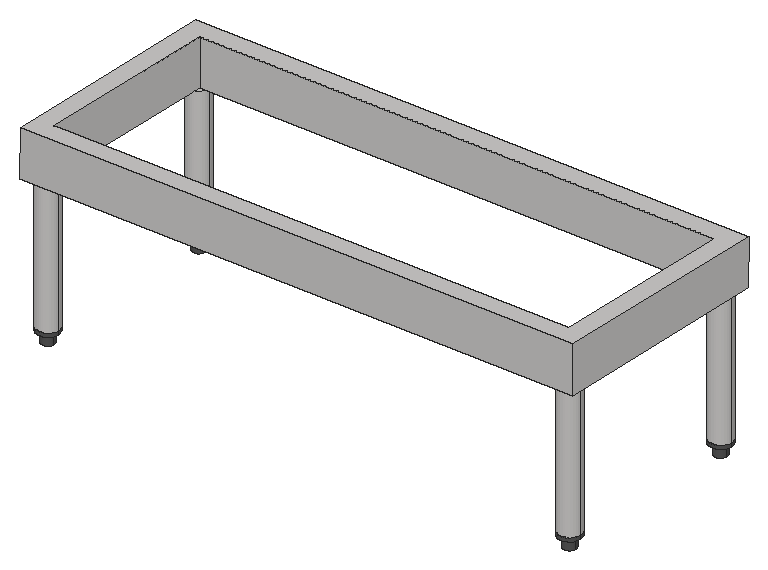
Revit family "QF_CAPIC_PT_W293016", category Equipement spécialisé, Revit 2018
Family settings
  Cote de connecteur circulaire = Utiliser le diamètre
  Type d'élément = Normal
  Numéro OmniClass = 23.40.40.14
  Titre OmniClass = Food Service Equipment
  Basée sur le plan de construction = Non
  Toujours verticalement = Oui
  Couper avec des vides une fois chargée = Non
  Partagée = Non
  Point de calcul de pièce = Non
Parameters (values of type "L=1800mm")
  URL catalogue = "http://www.capic-fr.com/fr/"
  Type de Raccord Plomberie [instance] = ""
  Type de Raccord Electrique [instance] = ""
  Type de Gaz = ""
  Type article [instance] = ""
  Tension = 0 V
  Spécification du Fabricant = ""
  Show Logo = yes
  Remarques evacuation [instance] = ""
  Remarques Plomberie [instance] = ""
  Remarques Electricité [instance] = ""
  Puissance électrique  = 0 W
  Puissance Gaz kW = 0
  Profondeur hors tout = 715 mm
  Pression Maximum Eau Adoucie = 0.0 Pa
  Poids net à vide = 100.00 kg
  Phase = 0
  Modèle = "W293016"
  Longueur hors tout = 1800 mm
  Intensité nominale = 0 A
  Hauteur hors tout = 630 mm
  Hauteur de Raccordement du Sol Finis = 0 mm
  Hauteur de Raccordement Gaz du Sol Finis = 0 mm
  Hauteur de Raccordement Evacuation Directe du Sol Finis = 0 mm
  Hauteur de Raccordement Eau Froide du Sol Finis = 0 mm
  Hauteur de Raccordement Eau Chaude du Sol Finis = 0 mm
  Hauteur de Raccordement Eau Adoucie du Sol Finis = 0 mm
  Fréquence = 0 Hz
  Fabricant = "CAPIC"
  Débit d'air d'extraction = 0.0 m³/h
  Débit Gaz = 0.0 L/s
  Débit Eau Froide = 0.0 L/s
  Débit Eau Chaude = 0.0 L/s
  Débit Eau Adoucie = 0.0 L/s
  Diamètre de Raccordement Gaz = 0 mm
  Diamètre de Raccordement Evacuation = 0 mm
  Diamètre de Raccordement Eau Froide = 0 mm
  Diamètre de Raccordement Eau Chaude = 0 mm
  Diamètre de Raccordement Eau Adoucie = 0 mm
  Description = "Pietement tubes ronds"
  Assembly Code = ""
  Classification  Omniclass nombre et titre = "23.40.40.14"
Reference planes
  plane 1 "Centre (avant/arrière)": y = 0
  plane 2: z = 0
  plane 3 "Centre (gauche/droite)": x = 0
  plane 4 "Centre G/E": y = 0
  plane 5: y = -838
  plane 6: z = 630
  plane 7: y = -123
  plane 8: x = 1800
  plane 9: z = 481
  plane 10: y = -173
  plane 11: y = -788
  plane 12: x = 50
  plane 13: x = 1750
  plane 14: z = 46
Forms (mm)
  Extrusion 1, solid, material "QF_Stainless Steel-Brushed"
    sketch origin (4267.2, -1071.386, 630) x (0, -1, 0) y (1, 0, 0)
      loop
        line (-948.386, -4267.2) -> (-233.386, -4267.2) -> (-233.386, -2467.2) -> (-948.386, -2467.2) -> (-948.386, -4267.2)
      loop
        line (-888.386, -2527.2) -> (-888.386, -4207.2) -> (-293.386, -4207.2) -> (-293.386, -2527.2) -> (-888.386, -2527.2)
    from 0 to -149
  Extrusion 2, solid, material "QF_Stainless Steel-Brushed"
    sketch origin (0, 0, 0) x (1, 0, 0) y (0, 1, 0)
      loop
        circle (50, -173) r 35
    from 46 to 481
  Revolve 3, solid, material "QF_Plastic-Black"
    sketch origin (-199.347, -173, 4000) x (-1, 0, 0) y (0, 0, 1)
      loop
        line (-284.347, -3954) -> (-284.347, -3966) -> (-269.347, -3966) -> (-269.347, -4000) -> (-249.347, -4000) -> (-249.347, -3954) -> (-284.347, -3954)
      axis (-249.347, -4000) -> (-249.347, -3954)
    angle from 0 to 360
  Extrusion 4, solid, material "QF_Stainless Steel-Brushed"
    sketch origin (220, 0, 0) x (1, 0, 0) y (0, 1, 0)
      loop
        circle (1530, -173) r 35
    from 46 to 481
  Revolve 5, solid, material "QF_Plastic-Black"
    sketch origin (160.653, -173, 4000) x (-1, 0, 0) y (0, 0, 1)
      loop
        line (-1624.347, -3954) -> (-1624.347, -3966) -> (-1609.347, -3966) -> (-1609.347, -4000) -> (-1589.347, -4000) -> (-1589.347, -3954) -> (-1624.347, -3954)
      axis (-1589.347, -4000) -> (-1589.347, -3954)
    angle from 0 to 360
  Extrusion 6, solid, material "QF_Stainless Steel-Brushed"
    sketch origin (0, -615, 0) x (1, 0, 0) y (0, 1, 0)
      loop
        circle (50, -173) r 35
    from 46 to 481
  Revolve 7, solid, material "QF_Plastic-Black"
    sketch origin (-133.843, -788, 4000) x (-1, 0, 0) y (0, 0, 1)
      loop
        line (-218.843, -3954) -> (-218.843, -3966) -> (-203.843, -3966) -> (-203.843, -4000) -> (-183.843, -4000) -> (-183.843, -3954) -> (-218.843, -3954)
      axis (-183.843, -4000) -> (-183.843, -3954)
    angle from 0 to 360
  Extrusion 8, solid, material "QF_Stainless Steel-Brushed"
    sketch origin (230, -615, 0) x (1, 0, 0) y (0, 1, 0)
      loop
        circle (1520, -173) r 35
    from 46 to 481
  Revolve 9, solid, material "QF_Plastic-Black"
    sketch origin (-133.843, -788, 4000) x (-1, 0, 0) y (0, 0, 1)
      loop
        line (-1918.843, -3954) -> (-1918.843, -3966) -> (-1903.843, -3966) -> (-1903.843, -4000) -> (-1883.843, -4000) -> (-1883.843, -3954) -> (-1918.843, -3954)
      axis (-1883.843, -4000) -> (-1883.843, -3954)
    angle from 0 to 360
Dimensions and locks
  locked: plane 7 to Extrusion 1 sketch curve at 60
  locked: Extrusion 1 sketch curve to plane 5 at 60
  locked: plane 3 "Centre (gauche/droite)" to Extrusion 1 sketch curve at 60
  locked: Extrusion 1 sketch curve to plane 8 at 60
  "Longueur hors tout": plane 3 "Centre (gauche/droite)" to plane 8
  "Hauteur hors tout": plane 6 to level
  locked: plane 7 to plane 10 at 50
  locked: plane 11 to plane 5 at 50
  locked: plane 3 "Centre (gauche/droite)" to plane 12 at 50
  locked: plane 13 to plane 8 at 50
  locked: Revolve 3 sketch curve to plane 12 at 35
  locked: plane 14 to Revolve 3 sketch curve at 12
  locked: Revolve 3 sketch curve to plane 12 at 20
  Revolve 5 sketch curve to Revolve 5 sketch curve to plane 13 = 15 mm locked, 20 mm locked
  "Profondeur hors tout": plane 7 to plane 5
  locked: plane 14 to Revolve 5 sketch curve at 12
  locked: Revolve 7 sketch curve to plane 12 at 20
  locked: Revolve 7 sketch curve to plane 12 at 35
  locked: Revolve 3 to plane 14 at 12
  locked: plane 14 to Revolve 5 at 12
  locked: Revolve 9 sketch curve to plane 13 at 20
  locked: Revolve 9 sketch curve to plane 13 at 35
  locked: plane 6 to plane 9 at 149
  locked: plane 9 to plane 14 at 435
  aligned and locked: level to plane 2
  aligned and locked: Extrusion 1 sketch curve to plane 7
  aligned and locked: plane 3 "Centre (gauche/droite)" to Extrusion 1 sketch curve
  aligned and locked: plane 5 to Extrusion 1 sketch curve
  aligned and locked: Extrusion 1 sketch curve to plane 8
  aligned and locked: Extrusion 1 to plane 9
  aligned and locked: plane 6 to Extrusion 1
  aligned and locked: plane 9 to Extrusion 2
  aligned and locked: Extrusion 2 to plane 14
  aligned and locked: plane 12 to Extrusion 2 sketch curve
  aligned and locked: plane 10 to Extrusion 2 sketch curve
  aligned and locked: level to Revolve 3 sketch curve
  aligned and locked: plane 12 to Revolve 3 sketch curve
  aligned and locked: Revolve 3 sketch curve to plane 14
  aligned and locked: plane 13 to Extrusion 4 sketch curve
  aligned and locked: Extrusion 4 sketch curve to plane 10
  aligned and locked: plane 13 to Revolve 5 sketch curve  (x2)
  aligned and locked: level to Revolve 5 sketch curve
  aligned and locked: plane 14 to Revolve 5 sketch curve
  aligned and locked: plane 12 to Extrusion 6 sketch curve
  aligned and locked: plane 11 to Extrusion 6 sketch curve
  aligned and locked: plane 9 to Extrusion 6
  aligned and locked: Extrusion 6 to plane 14
  aligned and locked: plane 14 to Revolve 7 sketch curve
  aligned and locked: Revolve 7 sketch curve to level
  aligned and locked: plane 9 to Extrusion 4
  aligned and locked: Extrusion 4 to plane 14
  aligned and locked: plane 13 to Extrusion 8 sketch curve
  aligned and locked: Extrusion 8 sketch curve to plane 11
  aligned and locked: Revolve 3 to plane 14
  aligned and locked: Extrusion 8 to Extrusion 1
  aligned and locked: plane 14 to Revolve 9 sketch curve
  aligned and locked: level to Revolve 9 sketch curve
  aligned and locked: plane 14 to Extrusion 8
Automatic sketch dimensions
  Revolve 3 sketch curve to plane 12 = 0 mm
  Revolve 3 sketch curve to level = 0 mm
  Revolve 3 sketch curve to plane 14 = 0 mm
  Revolve 5 sketch curve to level = 0 mm
  Revolve 5 sketch curve to plane 14 = 0 mm
  Revolve 9 sketch curve to plane 13 = 0 mm  (x2)
  Revolve 9 sketch curve to plane 14 = 12 mm
  Revolve 9 sketch curve to level = 88.15 mm
  Revolve 9 sketch curve to Revolve 9 sketch curve = 37 mm
  Revolve 7 sketch curve to plane 12 = 0 mm  (x2)
  Revolve 7 sketch curve to plane 14 = 12 mm
  Revolve 7 sketch curve to level = 25 mm
  Revolve 7 sketch curve to Revolve 7 sketch curve = 12 mm
  radius of Extrusion 2 sketch curve = 35 mm
  radius of Extrusion 4 sketch curve = 35 mm
  radius of Extrusion 6 sketch curve = 35 mm
  radius of Extrusion 8 sketch curve = 35 mm
